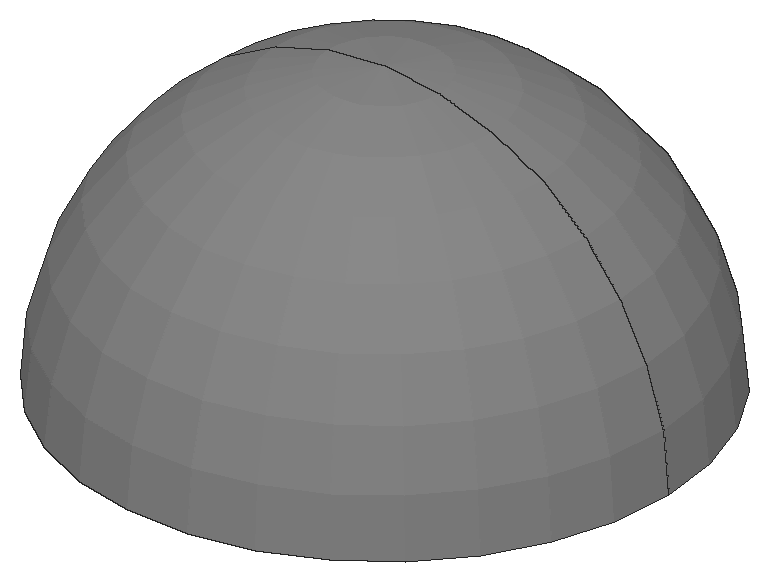
Revit family "polusfera_d50", category Антураж, Revit 2017
Family settings
  На основе рабочей плоскости = Нет
  Всегда вертикально = Да
  При загрузке вырезать с полостями = Нет
  Источник визуального образа = Геометрия семейства
  Общий = Нет
  Точка расчета площади = Нет
Parameters (values of type ""D50" Шахматка")
  Производитель = "ГК Очаковский комбинат ЖБИ"  # constant formula
  Позиция = ""
  Поверхность = ""
  Площадь [instance] = 0.59 m²
  Описание изделия [instance] = "Бетонные полусферы – это классическое решение для ограничения проезда автотранспорта"
  Объем бетона = 0.03 m³
  Обозначение = ""
  Наименование = "Полусфера \"D50\""
  Морозостойкость [instance] = "F150"
  Материал = Очаковский_Шахматка
  Масса [instance] = 70.00 kg
  Класс бетона [instance] = "В30"
  Защитное покрытие [instance] = 0.393
  Диаметр = 500 mm
  Watermarked By = ""
  Высота = 0 mm
  Водонепроницаемость [instance] = "W8"
  URL = "http://file-system.ru/catalog/blagoustroystvo/blagoustroystvo_goroda/polusfery/_d50_polusfera/"
Types (10, lengths in mm): name | Материал | Высота | URL
  (no name) | Очаковский_Шахматка | 0 | "http://file-system.ru/catalog/blagoustroystvo/blagoustroystvo_goroda/polusfery/_d50_polusfera/"
  "D50" Белый | Очаковский_Белый | 285.386 | 0
  "D50" Белый шелк | Очаковский_Белый_Шелк | 285.386 | 0
  "D50" Крымский берег | Очаковский_Крымский_берег | 285.386 | 0
  "D50" Морская соль | Очаковский_Морская_соль | 285.386 | 0
  "D50" Московский гравий | Очаковский_Московский_гравий | 285.386 | 0
  "D50" Светло-серый | Очаковский_Светло-серый | 285.386 | 0
  "D50" Черный шелк | Очаковский_Черный_шелк | 285.386 | 0
  "D50" Черный глянец | Очаковский_Черный_глянец | 285.386 | 0
  "D50" Шахматка | Очаковский_Шахматка | 0 | "http://file-system.ru/catalog/blagoustroystvo/blagoustroystvo_goroda/polusfery/_d50_polusfera/"
Reference planes
  plane 1 "По центру (Вперед/Назад)": y = 0
  plane 2: z = 0
  plane 3 "По центру (Влево/Вправо)": x = 0
  plane 4: x = -250
  plane 5: x = 250
  plane 6: y = 250
  plane 7: y = -250
  plane 8: z = 250
Forms (mm)
  Revolve 1, solid, material "Очаковский_Шахматка" <- "Материал", detail levels medium+fine
    sketch origin (0, 0, 0) x (1, 0, 0) y (0, 0, 1)
      loop
        arc (250, 0) -> (176.777, 176.777) -> (0, 250) r 250
        line (0, 250) -> (0, 0) -> (250, 0)
      axis (0, 250) -> (0, 0)
    angle from 0 to 360
Dimensions and locks
  equal spacing: plane 4, plane 3 "По центру (Влево/Вправо)", plane 5
  equal spacing: plane 6, plane 1 "По центру (Вперед/Назад)", plane 7
  "Диаметр": plane 6 to plane 7
  "Диаметр": plane 4 to plane 5
  aligned and locked: level to plane 2
  aligned and locked: plane 3 "По центру (Влево/Вправо)" to nested 1
  aligned and locked: plane 1 "По центру (Вперед/Назад)" to nested 1
Automatic sketch dimensions
  Revolve 1 sketch curve to level = 0 mm
  Revolve 1 sketch curve to plane 3 "По центру (Влево/Вправо)" = 0 mm  (x2)
  Revolve 1 sketch curve to Revolve 1 sketch curve = 250 mm
  Revolve 1 sketch curve to level = 366.045 mm
  Revolve 1 sketch curve to Revolve 1 sketch curve = 1964.315 mm
Nested families
  nested 1: "МАФ Круглый низкая дет" at (0, 0, 0), Диаметр <- "Диаметр", type "МАФ Круглый низкая дет"
    with Диаметр 500 mm, Высота 250 mm
Definition of nested family "МАФ Круглый низкая дет"
  Parameters (values of type "МАФ Круглый низкая дет")
    Диаметр [instance] = 300 mm
    Высота [instance] = 600 mm
    Watermarked By = ""
    Type Comments = "﻿﻿﻿          ​               ​       ​     ​         ﻿ ﻿ ﻿ ﻿     ﻿ ﻿                        ​ ﻿  ﻿  ​ ﻿           ﻿                 ﻿           ﻿   ​     ​       ​  ﻿﻿﻿"
    Keynote = "﻿﻿﻿          ​               ​       ​     ​         ﻿ ﻿ ﻿ ﻿     ﻿ ﻿                        ​ ﻿  ﻿  ​ ﻿           ﻿                 ﻿           ﻿   ​     ​       ​  ﻿﻿﻿"
    Description = "﻿﻿﻿          ​               ​       ​     ​         ﻿ ﻿ ﻿ ﻿     ﻿ ﻿                        ​ ﻿  ﻿  ​ ﻿           ﻿                 ﻿           ﻿   ​     ​       ​  ﻿﻿﻿"
    Assembly Code = "﻿﻿﻿          ​               ​       ​     ​         ﻿ ﻿ ﻿ ﻿     ﻿ ﻿                        ​ ﻿  ﻿  ​ ﻿           ﻿                 ﻿           ﻿   ​     ​       ​  ﻿﻿﻿"
  Reference planes
    plane 1 "По центру (Вперед/Назад)": y = 0
    plane 2: z = 0
    plane 3 "По центру (Влево/Вправо)": x = 0
    plane 4: x = -150
    plane 5: x = 150
    plane 6: y = -150
    plane 7: y = 150
    plane 8: z = 600
  Forms (mm)
    Extrusion 1, solid, detail levels coarse
      sketch origin (0, 0, 0) x (1, 0, 0) y (0, 1, 0)
        loop
          line (-150, 150) -> (-150, -150) -> (150, -150) -> (150, 150) -> (-150, 150)
      from 0 to 600
  Dimensions and locks
    equal spacing: plane 6, plane 1 "По центру (Вперед/Назад)", plane 7
    "Диаметр": plane 6 to plane 7
    equal spacing: plane 4, plane 3 "По центру (Влево/Вправо)", plane 5
    "Диаметр": plane 4 to plane 5
    "Высота": plane 8 to level
    aligned and locked: level to plane 2
    aligned and locked: Extrusion 1 sketch curve to plane 5
    aligned and locked: Extrusion 1 sketch curve to plane 7
    aligned and locked: Extrusion 1 sketch curve to plane 6
    aligned and locked: Extrusion 1 sketch curve to plane 4
    aligned and locked: plane 8 to Extrusion 1
  Automatic sketch dimensions
    Extrusion 1 sketch curve to plane 5 = 0 mm
